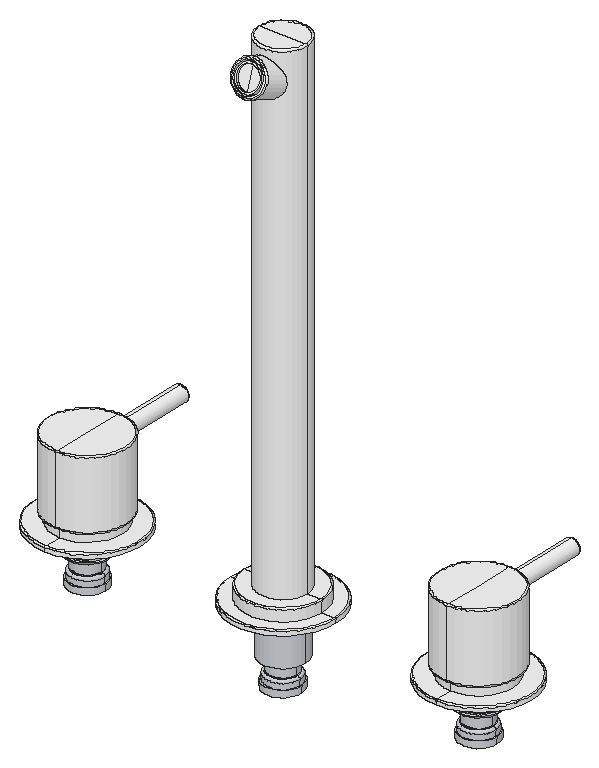
Revit family "Reece_Tap_Sussex_Scala_Bath Set", category Plumbing Fixtures, host Face, Revit 2018
Family settings
  Host = Face
  Round Connector Dimension = Use Diameter
  Part Type = Normal
  Cut with Voids When Loaded = No
  Shared = Yes
  Room Calculation Point = Yes
Parameters (values of type "250 mm_Chrome")
  WFU = 0  # constant formula
  URL = "https://www.reece.com.au/product/-2261426"
  Type Comments = "Tap"
  Reece_Tap_Reach = 250 mm
  Reece_Tap_Inlet = 12 mm  # constant formula
  Reece_Tap_Handle_Vertical_Offset [instance] = 0 mm
  Reece_Tap_Handle_Spacing [instance] = if(Reece_Tap_Axis Distance < 70 mm, 70 mm, if(Reece_Tap_Axis Distance > 70 mm, Reece_Tap_Axis Distance, Reece_Tap_Axis Distance))  # 100 mm
  Reece_Tap_Handle_Height = 43 mm  # constant formula
  Reece_Tap_Clearance = 67 mm  # constant formula
  Reece_Tap_Axis Distance [instance] = 100 mm
  Reece_Detail_Disclaimer = "THIS FILE IS THE PROPERTY OF THE REECE GROUP. IT MAY NOT BE REPRODUCED, REVERSE-ENGINEERED OR MODIFIED. ANY REPUBLICATION, TRANSMISSION OR DISTRIBUTION FOR THE PURPOSE OF COMMERCIALLY EXPLOITING THE FILES IS PROHIBITED."  # constant formula
  Reece_Backplate_Spout_Thickness = 8.5 mm  # constant formula
  Reece_Product_Web Page = "https://www.reece.com.au/product/-2261426"
  Reece_Product_Type = "Tap"  # constant formula
  Reece_Product_Sub Brand = "Scala"  # constant formula
  Reece_Product_Number = "2261426"
  Reece_Product_Mount = "Wall Mounted"
  Reece_Product_Description = "Sussex Scala Bath Set 250mm Chrome"
  Reece_Product_Brand = "Sussex"  # constant formula
  Reece_Overall_Projection = 260 mm
  Reece_Overall_Diameter = 54 mm  # constant formula
  Reece_Material_Main = Reece_Brass_Chrome
  Reece_Detail_Additional = "Bath Set"  # constant formula
  Reece_Backplate_Thickness = 2.5 mm  # constant formula
  Model = "Scala"
  Manufacturer = "Sussex"
  Keynote = "Product #2261426, Reece_Tap_Sussex_Scala_Bath Set - 250 mm_Chrome"
  HWFU = 0  # constant formula
  Disclaimer = "THIS FILE IS THE PROPERTY OF THE REECE GROUP. IT MAY NOT BE REPRODUCED, REVERSE-ENGINEERED OR MODIFIED. ANY REPUBLICATION, TRANSMISSION OR DISTRIBUTION FOR THE PURPOSE OF COMMERCIALLY EXPLOITING THE FILES IS PROHIBITED."  # constant formula
  Description = "Scala Bath Set 250mm Chrome"
  Default Elevation = 1000 mm
  CWFU = 0  # constant formula
Types (11, lengths in mm): name | URL | Reece_Tap_Reach | Reece_Product_Web Page | Reece_Product_Number | Reece_Product_Description | Reece_Overall_Projection | Reece_Material_Main | Keynote | Description
  200 mm_Chrome | "https://www.reece.com.au/product/-2261425" | 200 | "https://www.reece.com.au/product/-2261425" | "2261425" | "Sussex Scala Bath Set 200mm Chrome" | 210 | Reece_Brass_Chrome | "Product #2261425, Reece_Tap_Sussex_Scala_Bath Set - 200 mm_Chrome" | "Scala Bath Set 200mm Chrome"
  250 mm_Chrome | "https://www.reece.com.au/product/-2261426" | 250 | "https://www.reece.com.au/product/-2261426" | "2261426" | "Sussex Scala Bath Set 250mm Chrome" | 260 | Reece_Brass_Chrome | "Product #2261426, Reece_Tap_Sussex_Scala_Bath Set - 250 mm_Chrome" | "Scala Bath Set 250mm Chrome"
  160 mm_Brushed Nickel | "https://www.reece.com.au/product/-2263264" | 160 | "https://www.reece.com.au/product/-2263264" | "2263264" | "Sussex Scala Bath Set 160mm Brushed Nickel" | 170 | Reece_Brass_Brushed Nickel | "Product #2263264, Reece_Tap_Sussex_Scala_Bath Set - 160 mm_Brushed Nickel" | "Scala Bath Set 160mm Brushed Nickel"
  160 mm_Chrome | "https://www.reece.com.au/product/-2261608" | 160 | "https://www.reece.com.au/product/-2261608" | "2261608" | "Sussex Scala Bath Set 160mm Chrome" | 170 | Reece_Brass_Chrome | "Product #2261608, Reece_Tap_Sussex_Scala_Bath Set - 160 mm_Chrome" | "Scala Bath Set 160mm Chrome"
  160 mm_PVD Brushed Platinum Gold | "https://www.reece.com.au/product/-2268293" | 160 | "https://www.reece.com.au/product/-2268293" | "2268293" | "Sussex Scala Bath Set 160mm LUX PVD Brushed Platinum Gold" | 170 | Reece_PVD_Brushed_Platinum Gold | "Product #2268293, Reece_Tap_Sussex_Scala_Bath Set - 160 mm_PVD Brushed Platinum Gold" | "Scala Bath Set 160mm LUX PVD Brushed Platinum Gold"
  200 mm_Brushed Nickel | "https://www.reece.com.au/product/-2263254" | 200 | "https://www.reece.com.au/product/-2263254" | "2263254" | "Sussex Scala Bath Set 200mm Brushed Nickel" | 210 | Reece_Brass_Brushed Nickel | "Product #2263254, Reece_Tap_Sussex_Scala_Bath Set - 200 mm_Brushed Nickel" | "Scala Bath Set 200mm Brushed Nickel"
  200 mm_PVD Brushed Platinum Gold | "https://www.reece.com.au/product/-2268294" | 200 | "https://www.reece.com.au/product/-2268294" | "2268294" | "Sussex Scala Bath Set 200mm LUX PVD Brushed Platinum Gold" | 210 | Reece_PVD_Brushed_Platinum Gold | "Product #2268294, Reece_Tap_Sussex_Scala_Bath Set - 200 mm_PVD Brushed Platinum Gold" | "Scala Bath Set 200mm LUX PVD Brushed Platinum Gold"
  250 mm_Brushed Nickel | "https://www.reece.com.au/product/-2263255" | 250 | "https://www.reece.com.au/product/-2263255" | "2263255" | "Sussex Scala Bath Set 250mm Brushed Nickel" | 260 | Reece_Brass_Brushed Nickel | "Product #2263255, Reece_Tap_Sussex_Scala_Bath Set - 250 mm_Brushed Nickel" | "Scala Bath Set 250mm Brushed Nickel"
  250 mm_PVD Brushed Platinum Gold | "https://www.reece.com.au/product/-2268295" | 250 | "https://www.reece.com.au/product/-2268295" | "2268295" | "Sussex Scala Bath Set 250mm LUX PVD Brushed Platinum Gold" | 260 | Reece_PVD_Brushed_Platinum Gold | "Product #2268295, Reece_Tap_Sussex_Scala_Bath Set - 250 mm_PVD Brushed Platinum Gold" | "Scala Bath Set 250mm LUX PVD Brushed Platinum Gold"
  160 mm_Satin Chrome | "https://www.reece.com.au/product/-2261653" | 160 | "https://www.reece.com.au/product/-2261653" | "2261653" | "Sussex Scala Bath Set 160mm Satin Chrome" | 170 | Reece_Brass_Satin Chrome | "Product #2261653, Reece_Tap_Sussex_Scala_Bath Set - 160 mm_Satin Chrome" | "Scala Bath Set 160mm Satin Chrome"
  200 mm_Satin Chrome | "https://www.reece.com.au/product/-2261470" | 200 | "https://www.reece.com.au/product/-2261470" | "2261470" | "Sussex Scala Bath Set 200mm Satin Chrome" | 210 | Reece_Metal_Chrome_Satin | "Product #2261470, Reece_Tap_Sussex_Scala_Bath Set - 200 mm_Satin Chrome" | "Scala Bath Set 200mm Satin Chrome"
Reference planes
  plane 1 "Center (Front/Back)": y = 0
  plane 2 "Bottom": z = 0
  plane 3 "Center (Left/Right)": x = 0
  plane 4: z = 250
  plane 5: z = 260
  plane 6: x = 100
  plane 7: x = -100
  plane 8: z = 43
  plane 9: x = -73
  plane 10: x = -127
  plane 11: x = -27
  plane 12: x = 27
  plane 13: x = -12.5
  plane 14: x = 12.5
  plane 15: y = 0
  plane 16: z = 2.5
  plane 17: y = -22
Forms (mm)
  Revolve 1, solid
    sketch origin (28.901, 0, 1219.2) x (1, 0, 0) y (0, 0, 1)
      loop
        line (-130.291, -1249.229) -> (-128.901, -1249.229) -> (-128.901, -1219.2) -> (-140.374, -1219.2) -> (-140.374, -1222.813) -> (-139.398, -1223.187) -> (-139.398, -1223.987) -> (-140.37, -1224.549) -> (-139.398, -1225.023) -> (-139.398, -1225.823) -> (-140.359, -1226.378) -> (-139.398, -1226.846) -> (-139.398, -1227.646) -> (-140.366, -1228.205) -> (-139.398, -1228.616) -> (-139.398, -1229.416) -> (-140.275, -1229.923) -> (-139.166, -1231.032) -> (-136.181, -1231.032) -> (-136.181, -1237.729) -> (-135.615, -1238.294) -> (-136.415, -1238.294)
        arc (-136.415, -1238.294) -> (-137.255, -1238.642) -> (-137.603, -1239.482) r 1.188
        line (-137.603, -1239.482) -> (-137.603, -1242.245) -> (-138.403, -1242.245) -> (-138.403, -1245.49) -> (-132.464, -1245.49) -> (-130.291, -1249.229)
      axis (-128.901, -1219.2) -> (-128.901, -1249.229)
    angle from 0 to 360
  Revolve 2, solid
    sketch origin (168.901, 0, 1219.2) x (1, 0, 0) y (0, 0, 1)
      loop
        line (-70.291, -1249.229) -> (-68.901, -1249.229) -> (-68.901, -1219.2) -> (-80.374, -1219.2) -> (-80.374, -1222.813) -> (-79.398, -1223.187) -> (-79.398, -1223.987) -> (-80.37, -1224.549) -> (-79.398, -1225.023) -> (-79.398, -1225.823) -> (-80.359, -1226.378) -> (-79.398, -1226.846) -> (-79.398, -1227.646) -> (-80.366, -1228.205) -> (-79.398, -1228.616) -> (-79.398, -1229.416) -> (-80.275, -1229.923) -> (-79.166, -1231.032) -> (-76.181, -1231.032) -> (-76.181, -1237.729) -> (-75.615, -1238.294) -> (-76.415, -1238.294)
        arc (-76.415, -1238.294) -> (-77.255, -1238.642) -> (-77.603, -1239.482) r 1.188
        line (-77.603, -1239.482) -> (-77.603, -1242.245) -> (-78.403, -1242.245) -> (-78.403, -1245.49) -> (-72.464, -1245.49) -> (-70.291, -1249.229)
      axis (-68.901, -1219.2) -> (-68.901, -1249.229)
    angle from 0 to 360
  Revolve 3, void
    sketch origin (100, 0, 0) x (1, 0, 0) y (0, 0, 1)
      loop
        line (-100, 0) -> (-100, -25) -> (-85, -25) -> (-85, 0) -> (-100, 0)
      axis (-100, 0) -> (-100, -25)
    angle from 0 to 360
  Revolve 4, solid
    sketch origin (128.901, 0, 1219.2) x (1, 0, 0) y (0, 0, 1)
      loop
        line (-130.291, -1261.136) -> (-128.901, -1261.136) -> (-128.901, -1219.2) -> (-140.374, -1219.2) -> (-140.374, -1242.939) -> (-136.181, -1242.939) -> (-136.181, -1249.636) -> (-135.615, -1250.202) -> (-136.415, -1250.202)
        arc (-136.415, -1250.202) -> (-137.255, -1250.55) -> (-137.603, -1251.39) r 1.188
        line (-137.603, -1251.39) -> (-137.603, -1254.152) -> (-138.403, -1254.152) -> (-138.403, -1257.398) -> (-132.464, -1257.398) -> (-130.291, -1261.136)
      axis (-128.901, -1219.2) -> (-128.901, -1261.136)
    angle from 0 to 360
  Extrusion 5, void
    sketch origin (0, 60, 0) x (1, 0, 0) y (0, 1, 0)
      loop
        circle (-100, -60) r 15
    from -46.469 to 0
  Extrusion 6, void
    sketch origin (0, -20, 0) x (-1, 0, 0) y (0, -1, 0)
      loop
        circle (-100, -20) r 15
    from -46.469 to 0
Cuts and joins
  Revolve 3, Extrusion 6 cuts Revolve 1
Text (mm)
  text "Reece Copyright © 2018, Reece Ltd." at (-168.326, -191.773, 0), in view "Ref. Level"
  text "Reece ©" at (44.384, 258.95, 192.345), in view "Reece Preview"
Dimensions and locks
  "Reece_Tap_Reach": plane 4 to plane 2 "Bottom"
  "Reece_Overall_Projection": plane 5 to plane 2 "Bottom"
  equal spacing: plane 7, plane 3 "Center (Left/Right)", plane 6
  plane 7 to plane 6 = 200 mm
  "Reece_Tap_Handle_Height": plane 8 to plane 2 "Bottom"
  plane 8 to host face = 43 mm
  "Reece_Overall_Diameter": plane 10 to plane 9
  equal spacing: plane 10, plane 7, plane 9
  "Reece_Overall_Diameter": plane 11 to plane 12
  plane 5 to plane 4 = 10 mm
  "Reece_Tap_Handle_Spacing": plane 7 to plane 3 "Center (Left/Right)"
  "Reece_Tap_Handle_Spacing": plane 3 "Center (Left/Right)" to plane 6
  plane 13 to plane 14 = 25 mm
  "Reece_Tap_Handle_Vertical_Offset": plane 1 "Center (Front/Back)" to plane 15
  "Reece_Backplate_Thickness": plane 16 to plane 2 "Bottom"
  plane 1 "Center (Front/Back)" to plane 17 = 22 mm
  aligned and locked: plane 2 "Bottom" to host face
  aligned and locked: level to host face
  aligned and locked: nested 1 to plane 7
  aligned and locked: plane 6 to nested 2  (x2)
  aligned and locked: plane 7 to Revolve 1 sketch curve
  aligned and locked: Revolve 2 sketch curve to plane 6
  aligned and locked: nested 1 to plane 15
  aligned and locked: nested 2 to plane 15
  aligned and locked: plane 15 to Revolve 2
  aligned and locked: plane 15 to cut or joined group of Revolve 1, Revolve 3, Extrusion 6
  aligned and locked: plane 15 to Extrusion 5
Automatic sketch dimensions
  host sketch curve to host sketch curve = 380.785 mm
  host sketch curve to host sketch curve = 277.121 mm
  Revolve 1 sketch curve to level = 0 mm
  plane 7 to Revolve 1 sketch curve = 0 mm
  plane 7 to Revolve 1 sketch curve = 1.39 mm
  plane 7 to Revolve 1 sketch curve = 3.563 mm
  plane 7 to Revolve 1 sketch curve = 6.714 mm
  plane 7 to Revolve 1 sketch curve = 7.28 mm
  Revolve 1 sketch curve to Revolve 1 sketch curve = 0.8 mm  (x6)
  Revolve 1 sketch curve to Revolve 1 sketch curve = 1.188 mm
  Revolve 1 sketch curve to Revolve 1 sketch curve = 2.986 mm
  Revolve 1 sketch curve to Revolve 1 sketch curve = 0.231 mm  (x2)
  Revolve 1 sketch curve to Revolve 1 sketch curve = 0 mm  (x2)
  Revolve 1 sketch curve to level = 3.987 mm
  Revolve 1 sketch curve to Revolve 1 sketch curve = 0.878 mm
  Revolve 1 sketch curve to Revolve 1 sketch curve = 0.961 mm
  Revolve 1 sketch curve to Revolve 1 sketch curve = 0.968 mm
  Revolve 1 sketch curve to level = 5.349 mm
  Revolve 1 sketch curve to Revolve 1 sketch curve = 0.972 mm
  Revolve 1 sketch curve to level = 3.612 mm
  Revolve 1 sketch curve to Revolve 1 sketch curve = 0.977 mm
  Revolve 1 sketch curve to Revolve 1 sketch curve = 0.474 mm
  Revolve 1 sketch curve to Revolve 1 sketch curve = 0.555 mm
  Revolve 1 sketch curve to Revolve 1 sketch curve = 1.023 mm
  Revolve 1 sketch curve to Revolve 1 sketch curve = 0.559 mm
  Revolve 1 sketch curve to Revolve 1 sketch curve = 0.97 mm
  Revolve 1 sketch curve to Revolve 1 sketch curve = 0.507 mm
  Revolve 1 sketch curve to Revolve 1 sketch curve = 1.615 mm
  Revolve 1 sketch curve to Revolve 1 sketch curve = 6.697 mm
  Revolve 1 sketch curve to Revolve 1 sketch curve = 0.566 mm
  Revolve 1 sketch curve to Revolve 1 sketch curve = 2.762 mm
  Revolve 1 sketch curve to Revolve 1 sketch curve = 3.246 mm
  Revolve 1 sketch curve to Revolve 1 sketch curve = 3.739 mm
  Revolve 1 sketch curve to Revolve 1 sketch curve = 7.488 mm
  level to Revolve 1 sketch curve = 8.93 mm
  Revolve 2 sketch curve to level = 0 mm
  plane 6 to Revolve 2 sketch curve = 0 mm
  Revolve 2 sketch curve to Revolve 2 sketch curve = 1.39 mm
  Revolve 2 sketch curve to plane 6 = 3.563 mm
  Revolve 2 sketch curve to plane 6 = 6.714 mm
  Revolve 2 sketch curve to plane 6 = 7.28 mm
  Revolve 2 sketch curve to Revolve 2 sketch curve = 0.8 mm  (x6)
  Revolve 2 sketch curve to Revolve 2 sketch curve = 1.188 mm
  Revolve 2 sketch curve to Revolve 2 sketch curve = 2.986 mm
  Revolve 2 sketch curve to Revolve 2 sketch curve = 0.231 mm  (x2)
  Revolve 2 sketch curve to Revolve 2 sketch curve = 0 mm  (x2)
  Revolve 2 sketch curve to level = 3.987 mm
  Revolve 2 sketch curve to Revolve 2 sketch curve = 0.878 mm
  Revolve 2 sketch curve to Revolve 2 sketch curve = 0.961 mm
  Revolve 2 sketch curve to Revolve 2 sketch curve = 0.968 mm
  Revolve 2 sketch curve to level = 5.349 mm
  Revolve 2 sketch curve to Revolve 2 sketch curve = 0.972 mm
  Revolve 2 sketch curve to level = 3.612 mm
  Revolve 2 sketch curve to Revolve 2 sketch curve = 0.977 mm
  Revolve 2 sketch curve to Revolve 2 sketch curve = 0.474 mm
  Revolve 2 sketch curve to Revolve 2 sketch curve = 0.555 mm
  Revolve 2 sketch curve to Revolve 2 sketch curve = 1.023 mm
  Revolve 2 sketch curve to Revolve 2 sketch curve = 0.559 mm
  Revolve 2 sketch curve to Revolve 2 sketch curve = 0.97 mm
  Revolve 2 sketch curve to Revolve 2 sketch curve = 0.507 mm
  Revolve 2 sketch curve to Revolve 2 sketch curve = 1.615 mm
  Revolve 2 sketch curve to Revolve 2 sketch curve = 6.697 mm
  Revolve 2 sketch curve to Revolve 2 sketch curve = 0.566 mm
  Revolve 2 sketch curve to Revolve 2 sketch curve = 2.762 mm
  Revolve 2 sketch curve to Revolve 2 sketch curve = 3.246 mm
  Revolve 2 sketch curve to Revolve 2 sketch curve = 3.739 mm
  Revolve 2 sketch curve to Revolve 2 sketch curve = 7.488 mm
  level to Revolve 2 sketch curve = 8.93 mm
  Revolve 3 sketch curve to level = 0 mm
  Revolve 3 sketch curve to plane 3 "Center (Left/Right)" = 0 mm  (x2)
  plane 14 to Revolve 3 sketch curve = 2.5 mm
  Revolve 3 sketch curve to Revolve 3 sketch curve = 25 mm
  Revolve 3 sketch curve to Revolve 3 sketch curve = 10 mm
  Revolve 3 sketch curve to Revolve 3 sketch curve = 40 mm
  Revolve 4 sketch curve to level = 0 mm
  Revolve 4 sketch curve to plane 3 "Center (Left/Right)" = 0 mm  (x2)
  Revolve 4 sketch curve to plane 3 "Center (Left/Right)" = 1.39 mm
  Revolve 4 sketch curve to plane 3 "Center (Left/Right)" = 3.563 mm
  Revolve 4 sketch curve to plane 13 = 5.786 mm
  Revolve 4 sketch curve to Revolve 4 sketch curve = 0.566 mm  (x2)
  Revolve 4 sketch curve to Revolve 4 sketch curve = 0.8 mm  (x2)
  Revolve 4 sketch curve to Revolve 4 sketch curve = 1.188 mm
  Revolve 4 sketch curve to plane 13 = 1.027 mm
  Revolve 4 sketch curve to level = 23.739 mm
  Revolve 4 sketch curve to Revolve 4 sketch curve = 6.697 mm
  Revolve 4 sketch curve to Revolve 4 sketch curve = 2.762 mm
  Revolve 4 sketch curve to Revolve 4 sketch curve = 3.246 mm
  Revolve 4 sketch curve to Revolve 4 sketch curve = 3.739 mm
  Revolve 4 sketch curve to Revolve 4 sketch curve = 0.681 mm
  level to Revolve 4 sketch curve = 8.93 mm
  Extrusion 5 sketch curve to plane 7 = 0 mm
  Extrusion 5 sketch curve to plane 15 = 0 mm
  Extrusion 6 sketch curve to plane 6 = 0 mm
  Extrusion 6 sketch curve to plane 15 = 0 mm
  radius of Extrusion 5 sketch curve = 15 mm
  radius of Extrusion 6 sketch curve = 15 mm
Nested families
  nested 1: "Reece_Tap_Sussex_Scala_Set_Mixer_Nested" at (-100, 0, 0), Reece_Material_Main <- "Reece_Material_Main", Reece_Backplate_Thickness <- "Reece_Backplate_Thickness", Reece_Tap_Handle_Height <- "Reece_Tap_Handle_Height", type "Reece_Tap_Sussex_Scala_Set_Mixer_Nested"
    with Reece_Tap_Handle_Height 43 mm, Reece_Material_Main Reece_Brass_Chrome, Reece_Backplate_Thickness 2.5 mm
  nested 2: "Reece_Tap_Sussex_Scala_Set_Mixer_Nested" at (100, 0, 0), Reece_Material_Main <- "Reece_Material_Main", Reece_Backplate_Thickness <- "Reece_Backplate_Thickness", Reece_Tap_Handle_Height <- "Reece_Tap_Handle_Height", type "Reece_Tap_Sussex_Scala_Set_Mixer_Nested"
    with Reece_Tap_Handle_Height 43 mm, Reece_Material_Main Reece_Brass_Chrome, Reece_Backplate_Thickness 2.5 mm
  nested 3: "Reece_Tap_Sussex_Scala_Outlet_Nested" at (0, 0, -1.156), Reece_Overall_Projection <- "Reece_Overall_Projection", Reece_Tap_Reach <- "Reece_Tap_Reach", Reece_Material_Main <- "Reece_Material_Main", Reece_Backplate_Spout_Thickness <- "Reece_Backplate_Spout_Thickness", type "Reece_Tap_Sussex_Scala_Outlet_Nested"
    with Reece_Tap_Reach 250 mm, Reece_Overall_Projection 260 mm, Reece_Material_Main Reece_Brass_Chrome, Reece_Backplate_Spout_Thickness 8.5 mm
Connectors
  piping at (100, 0, -26.29), diameter 12, driven by "Reece_Tap_Inlet"
    settings: on Revolve 2, index 1, connector inside diameter 609.6 mm, connector length 0 mm, flow factor 0, pipe flow 0.0 L/s, pressure drop 0.0 Pa, fitting loss kfactor 0, connector angle 0.00°, fixture units 0, engagement length 0 mm, angle of deflection 0.00°, flow configuration 0, flow direction 1, fitting loss method 0, system type 29, joint type 0, gender type 0, connector reference index -1, connector utility 0, adjustable connector no, is connector primary yes, connector description ""
  piping at (0, 0, -38.198), diameter 12, driven by "Reece_Tap_Inlet"
    settings: on Revolve 4, index 2, connector inside diameter 609.6 mm, connector length 0 mm, flow factor 0, pipe flow 0.0 L/s, pressure drop 0.0 Pa, fitting loss kfactor 0, connector angle 0.00°, fixture units 0, engagement length 0 mm, angle of deflection 0.00°, flow configuration 0, flow direction 1, fitting loss method 0, system type 29, joint type 0, gender type 0, connector reference index -1, connector utility 0, adjustable connector no, is connector primary no, connector description ""
  piping at (-100, 0, -26.29), diameter 12, driven by "Reece_Tap_Inlet"
    settings: on cut or joined group of Revolve 1, Revolve 3, Extrusion 6, index 3, connector inside diameter 609.6 mm, connector length 0 mm, flow factor 0, pipe flow 0.0 L/s, pressure drop 0.0 Pa, fitting loss kfactor 0, connector angle 0.00°, fixture units 0, engagement length 0 mm, angle of deflection 0.00°, flow configuration 0, flow direction 1, fitting loss method 0, system type 29, joint type 0, gender type 0, connector reference index -1, connector utility 0, adjustable connector no, is connector primary no, connector description ""
Definition of nested family "Reece_Tap_Sussex_Scala_Set_Mixer_Nested"
  Parameters (values of type "Reece_Tap_Sussex_Scala_Set_Mixer_Nested")
    Waste Connection = no
    WFU = 0
    Vent Connection = no
    URL = ""
    Type Comments = ""
    Reece_Tap_Handle_Height [instance] = 45 mm
    Reece_Material_Main [instance] = none
    Reece_Backplate_Thickness [instance] = 3 mm
    Model = ""
    Manufacturer = ""
    Keynote = ""
    HWFU = 0
    HW Connection = no
    Description = ""
    Default Elevation = 0 mm
    Cost = 0
    CWFU = 0
    CW Connection = no
    Assembly Code = ""
  Reference planes
    plane 1 "Center (Front/Back)": y = 0
    plane 2 "Bottom": z = 0
    plane 3 "Center (Left/Right)": x = 0
    plane 4: y = -27
    plane 5: y = 27
    plane 6: y = -20
    plane 7: y = 20
    plane 8: z = 36.5
    plane 9: x = -27
    plane 10: x = 27
    plane 11: y = 60
    plane 12: z = 45
    plane 13: z = 3
  Forms (mm)
    Extrusion 1, solid
      sketch origin (619.2, -619.2, 0) x (1, 0, 0) y (0, 1, 0)
        loop
          line (-809.2, 779.2) -> (-809.2, 461.779) -> (-428.415, 461.779) -> (-428.415, 779.2) -> (-809.2, 779.2)
      from 0 to -9.564
    Revolve 2, solid, material <- "Reece_Material_Main"
      sketch origin (0, 0, 0) x (0, 1, 0) y (0, 0, 1)
        loop
          line (0, 0) -> (0, 45) -> (-19.5, 45)
          arc (-19.5, 45) -> (-19.854, 44.854) -> (-20, 44.5) r 0.5
          line (-20, 44.5) -> (-20, 8.5)
          arc (-20, 8.5) -> (-19.854, 8.146) -> (-19.5, 8) r 0.5
          line (-19.5, 8) -> (-17.75, 8) -> (-17.75, 3) -> (-26.5, 3)
          arc (-26.5, 3) -> (-26.854, 2.854) -> (-27, 2.5) r 0.5
          line (-27, 2.5) -> (-27, 0) -> (0, 0)
        axis (0, 45) -> (0, 0)
      angle from 0 to 360
    Revolve 3, solid, material <- "Reece_Material_Main"
      sketch origin (0, 0, 0) x (0, -1, 0) y (0, 0, -1)
        loop
          line (0, -36.5) -> (-60, -36.5) -> (-60, -40)
          arc (-60, -40) -> (-59.854, -40.354) -> (-59.5, -40.5) r 0.5
          line (-59.5, -40.5) -> (0, -40.5) -> (0, -36.5)
        axis (0, -36.5) -> (-60, -36.5)
      angle from 0 to 360
  Cuts and joins
    joined: Revolve 2, Revolve 3
  Text (mm)
    text "Reece Copyright © 2018, Reece Ltd." at (-1403.988, -1192.393, 0), in view "Ref. Level"
    text "Reece ©" at (44.384, 258.95, 192.345), in view "Reece Preview"
  Dimensions and locks
    locked: plane 12 to plane 8 at 8.5
    "Reece_Backplate_Thickness": plane 13 to plane 2 "Bottom"
    "Reece_Tap_Handle_Height": plane 12 to plane 2 "Bottom"
    plane 11 to plane 6 = 80 mm
    aligned and locked: plane 2 "Bottom" to Extrusion 1
    aligned and locked: level to Extrusion 1
    aligned and locked: Revolve 2 sketch curve to plane 12
    aligned and locked: plane 13 to Revolve 2 sketch curve
  Automatic sketch dimensions
    Extrusion 1 sketch curve to Extrusion 1 sketch curve = 380.785 mm
    Extrusion 1 sketch curve to Extrusion 1 sketch curve = 317.421 mm
    plane 8 to Revolve 3 sketch curve = 0 mm
    Revolve 3 sketch curve to plane 11 = 0 mm
    Revolve 3 sketch curve to plane 8 = 0 mm
    Revolve 3 sketch curve to plane 1 "Center (Front/Back)" = 0 mm
    plane 11 to Revolve 3 sketch curve = 0.5 mm
    plane 8 to Revolve 3 sketch curve = 3.5 mm
    Revolve 3 sketch curve to plane 1 "Center (Front/Back)" = 5 mm
    Revolve 3 sketch curve to Revolve 3 sketch curve = 5 mm
    level to Revolve 2 sketch curve = 0 mm
    Revolve 2 sketch curve to plane 4 = 0 mm
    Revolve 2 sketch curve to plane 6 = 0 mm
    Revolve 2 sketch curve to plane 1 "Center (Front/Back)" = 0 mm  (x2)
    plane 4 to Revolve 2 sketch curve = 0.5 mm
    Revolve 2 sketch curve to Revolve 2 sketch curve = 0.5 mm  (x2)
    Revolve 2 sketch curve to Revolve 2 sketch curve = 1.75 mm
    Revolve 2 sketch curve to Revolve 2 sketch curve = 5 mm
    Revolve 2 sketch curve to level = 20 mm
    plane 13 to Revolve 2 sketch curve = 10 mm
Definition of nested family "Reece_Tap_Sussex_Scala_Outlet_Nested"
  Parameters (values of type "Reece_Tap_Sussex_Scala_Outlet_Nested")
    Waste Connection = no
    WFU = 0
    Vent Connection = no
    URL = ""
    Type Comments = ""
    Reece_Tap_Reach [instance] = 160 mm
    Reece_Backplate_Spout_Thickness [instance] = 9.3 mm
    Reece_Overall_Projection [instance] = 170 mm
    Reece_Material_Main [instance] = none
    Model = ""
    Manufacturer = ""
    Keynote = ""
    HWFU = 0
    HW Connection = no
    Description = ""
    Default Elevation = 0 mm
    Cost = 0
    CWFU = 0
    CW Connection = no
    Assembly Code = ""
  Reference planes
    plane 1 "Center (Front/Back)": y = 0
    plane 2 "Bottom": z = 1.156
    plane 3 "Center (Left/Right)": x = 0
    plane 4: x = -83
    plane 5: x = 83
    plane 6: x = 142.5
    plane 7: z = 161.156
    plane 8: y = 27
    plane 9: y = -27
    plane 10: x = 63
    plane 11: x = 103
    plane 12: z = 171.156
    plane 13: y = -22
    plane 14: x = -12.515
    plane 15: x = 12.515
    plane 16: z = 10.456
  Forms (mm)
    Extrusion 1, solid
      sketch origin (619.2, -619.2, 0) x (1, 0, 0) y (0, 1, 0)
        loop
          line (-809.2, 744.2) -> (-809.2, 511.85) -> (-428.415, 511.85) -> (-428.415, 744.2) -> (-809.2, 744.2)
      from 1.156 to -9.564
    Revolve 2, solid, material <- "Reece_Material_Main"
      sketch origin (0, 0, 0) x (1, 0, 0) y (0, 0, 1)
        loop
          arc (12.5, 170.356) -> (12.266, 170.921) -> (11.7, 171.156) r 0.8
          line (11.7, 171.156) -> (0, 171.156) -> (0, 10.456) -> (12.5, 10.456) -> (12.5, 170.356)
        axis (0, 171.156) -> (0, 10.456)
      angle from 0 to 360
    Revolve 3, solid, material <- "Reece_Material_Main"
      sketch origin (0, -265.32, 38.762) x (0, -0.374607, -0.927184) y (0, 0.927184, -0.374607)
        loop
          line (-212.131, 179.752) -> (-212.131, 183.683) -> (-211.331, 183.683) -> (-211.331, 179.752) -> (-210.502, 179.752) -> (-210.502, 180.591) -> (-204.631, 180.591) -> (-204.631, 202.429) -> (-213.631, 202.429) -> (-213.631, 180.33)
          arc (-213.631, 180.33) -> (-213.462, 179.922) -> (-213.053, 179.752) r 0.578
          line (-213.053, 179.752) -> (-212.131, 179.752)
        axis (-204.631, 202.429) -> (-204.631, 179.752)
      angle from 0 to 360
    Revolve 4, solid, material <- "Reece_Material_Main"
      sketch origin (0, 0, 0) x (1, 0, 0) y (0, 0, 1)
        loop
          line (27, 1.156) -> (27, 3.144)
          arc (27, 3.144) -> (26.85, 3.506) -> (26.488, 3.656) r 0.512
          line (26.488, 3.656) -> (20, 3.656) -> (20, 9.156)
          arc (20, 9.156) -> (19.853, 9.509) -> (19.5, 9.656) r 0.5
          line (19.5, 9.656) -> (11.2, 9.656) -> (11.2, 10.501) -> (0, 10.501) -> (0, 1.156) -> (27, 1.156)
        axis (0, 10.501) -> (0, 1.156)
      angle from 0 to 360
  Cuts and joins
    joined: Revolve 2, Revolve 3
  Text (mm)
    text "Reece Copyright © 2018, Reece Ltd." at (-306.098, -56.836, 0), in view "Ref. Level"
    text "Reece ©" at (44.384, 258.95, 192.345), in view "Reece Preview"
  Dimensions and locks
    plane 4 to plane 5 = 166 mm
    plane 9 to plane 8 = 54 mm
    plane 10 to plane 11 = 40 mm
    plane 12 to plane 7 to plane 2 "Bottom" = 10 mm, 160 mm
    "Reece_Tap_Reach": plane 7 to plane 2 "Bottom"
    plane 2 "Bottom" to plane 12 = 170 mm  (x2)
    plane 7 to plane 12 = 10 mm
    plane 12 to plane 7 = 10 mm
    plane 1 "Center (Front/Back)" to plane 13 = 22 mm
    plane 14 to plane 15 = 25.029 mm
    equal spacing: plane 4, plane 3 "Center (Left/Right)", plane 5
    plane 8 to plane 9 = 54 mm
    "Reece_Overall_Projection": plane 2 "Bottom" to plane 12
    "Reece_Backplate_Spout_Thickness": plane 16 to plane 2 "Bottom"
    aligned and locked: plane 2 "Bottom" to Extrusion 1
    aligned and locked: plane 12 to Revolve 2 sketch curve
    aligned and locked: plane 16 to cut or joined group of Revolve 2, Revolve 3
  Automatic sketch dimensions
    Extrusion 1 sketch curve to Extrusion 1 sketch curve = 380.785 mm
    Extrusion 1 sketch curve to Extrusion 1 sketch curve = 232.35 mm
    plane 7 to Revolve 3 sketch curve = 0.15 mm
    Revolve 3 sketch curve to plane 1 "Center (Front/Back)" = 2.397 mm
    Revolve 3 sketch curve to Revolve 3 sketch curve = 0.578 mm
    Revolve 3 sketch curve to Revolve 3 sketch curve = 0.922 mm
    Revolve 3 sketch curve to Revolve 3 sketch curve = 0.8 mm
    Revolve 3 sketch curve to Revolve 3 sketch curve = 0.829 mm
    Revolve 3 sketch curve to Revolve 3 sketch curve = 5.871 mm
    Revolve 3 sketch curve to Revolve 3 sketch curve = 18.746 mm
    Revolve 3 sketch curve to Revolve 3 sketch curve = 3.092 mm
    Revolve 3 sketch curve to Revolve 3 sketch curve = 0.261 mm
    Revolve 3 sketch curve to Revolve 3 sketch curve = 0 mm  (x2)
    Revolve 3 sketch curve to Revolve 3 sketch curve = 8.179 mm
    Revolve 3 sketch curve to Revolve 3 sketch curve = 8.71 mm
    Revolve 2 sketch curve to plane 3 "Center (Left/Right)" = 0 mm  (x2)
    Revolve 2 sketch curve to plane 15 = 0.815 mm
    Revolve 2 sketch curve to plane 15 = 0.015 mm
    Revolve 2 sketch curve to level = 7.912 mm
    Revolve 4 sketch curve to plane 3 "Center (Left/Right)" = 0 mm  (x2)
    Revolve 4 sketch curve to plane 2 "Bottom" = 0 mm
    Revolve 4 sketch curve to plane 15 = 1.315 mm
    plane 15 to Revolve 4 sketch curve = 6.985 mm
    plane 2 "Bottom" to Revolve 4 sketch curve = 2.5 mm
    Revolve 4 sketch curve to Revolve 4 sketch curve = 0.5 mm
    plane 2 "Bottom" to Revolve 4 sketch curve = 1.988 mm
    Revolve 4 sketch curve to Revolve 4 sketch curve = 6.488 mm
    Revolve 4 sketch curve to level = 7.912 mm
    plane 2 "Bottom" to Revolve 2 sketch curve = 9.3 mm
    Revolve 2 sketch curve to Revolve 2 sketch curve = 1.755 mm
    Revolve 4 sketch curve to Revolve 4 sketch curve = 5.5 mm
    Revolve 4 sketch curve to Revolve 4 sketch curve = 9.345 mm
    Revolve 4 sketch curve to Revolve 4 sketch curve = 1.8 mm
